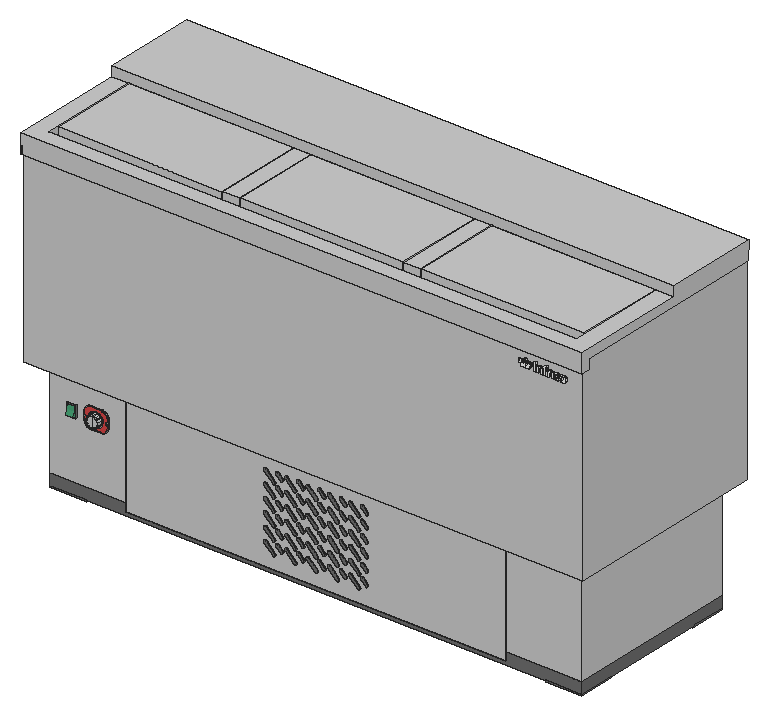
Revit family "QF_INFRICO_EFP1500II_250807082249", category Specialty Equipment, Revit 2021
Family settings
  Round Connector Dimension = Use Diameter
  Part Type = Normal
  OmniClass Number = 23.40.40.14
  OmniClass Title = Food Service Equipment
  Work Plane-Based = No
  Always vertical = Yes
  Cut with Voids When Loaded = No
  Shared = No
  Room Calculation Point = No
Parameters (values of type "EFP1500II")
  Weight [instance] = 73.9991 kg
  Waste Water Discharge Temperature [instance] = 0 °C
  Waste Remarks [instance] = ""
  Warranty Start Date [instance] = ""
  Warranty Duration [instance] = ""
  Volts [instance] = 230 V
  Volt Free Conn [instance] = no
  URL Recommended Spares List [instance] = ""
  URL Manufacturer [instance] = ""
  URL Cutsheet [instance] = ""
  URL Critical Spares List [instance] = ""
  URL = "www.infrico.com"
  Technical Documentation [instance] = ""
  Tag Number [instance] = ""
  Status [instance] = ""
  Start Up Current [instance] = 0 A
  Specification by User [instance] = ""
  Specification by Manufacturer [instance] = ""
  Sound Level [instance] = ""
  Show Logo [instance] = yes
  Show Clearances [instance] = yes
  Service Life Duration [instance] = ""
  Serial Number [instance] = ""
  Seismic Rating [instance] = ""
  SMACNA No [instance] = ""
  Revision Code [instance] = ""
  Revision [instance] = ""
  Production Year [instance] = ""
  Potential Equalisation [instance] = no
  Point Load [instance] = 0
  Plumbing Connection Type [instance] = ""
  Phase [instance] = 1
  Other Equipment Approvals [instance] = ""
  Operational Current [instance] = 0 A
  Number of Poles [instance] = 2
  No Load Power Draw [instance] = no
  NAFEM Spec ID Number [instance] = ""
  Model Warning [instance] = ""
  Model = "EFP1500II"
  Min Ckt Ampacity [instance] = 0 A
  Max Overcurrent Protection [instance] = 0 A
  Masterspec [instance] = ""
  Manufacturer = "INFRICO"
  Main switch integrated [instance] = no
  Length Actual [instance] = 1479.042 mm
  Item Number [instance] = ""
  Installed By [instance] = ""
  Installation Date [instance] = ""
  Indirect Waste Size [instance] = 19.05 mm
  Indirect Waste Remarks [instance] = ""
  Indirect Waste Flow [instance] = 0.0 L/s
  Indirect Waste Connection Type [instance] = ""
  Indirect Waste Connection Height [instance] = 0 mm
  Identify Quantity as Lot [instance] = no
  ID [instance] = ""
  Hygiene Approval [instance] = ""
  Height Actual [instance] = 880.11 mm
  HP power [instance] = ""
  Furnished By [instance] = ""
  Foodservice Equipment Identifier [instance] = no
  FL Amps [instance] = 0 A
  Electrical Remarks [instance] = ""
  Electric power [instance] = 180 W
  Electric Connection Type [instance] = ""
  Elec Conn RI Height [instance] = 0 mm
  Elec Conn Connection Height [instance] = 0 mm
  ETL Approved [instance] = no
  Direct Waste Water Discharge Temperature [instance] = -273.15 °C
  Direct Waste Size [instance] = 19.05 mm
  Direct Waste RI Height [instance] = 0 mm
  Direct Waste Flow [instance] = 0.0 L/s
  Direct Waste Connection Height [instance] = 0 mm
  Description = "CHEST BOTTLE COOLER FLAT BOTTOM - STAINLESS STEEL - THREE DOORS - R290"
  Depth Actual [instance] = 549.91 mm
  Default Elevation = 0 mm
  Cycle [instance] = 50 Hz
  Cost = 0
  Connection to energy optimisation system [instance] = yes
  Conn Plug [instance] = ""
  Conn Conduit [instance] = no
  Centralized building control system with digital interface [instance] = ""
  CSI MasterFormat [instance] = ""
  CE Approved [instance] = no
  Barcode [instance] = 0
  Author [instance] = ""
  Asset Identifier [instance] = ""
  Apparent Power [instance] = 180 VA
  Accessory [instance] = no
Reference planes
  plane 1 "Center (Front/Back)": y = 0
  plane 2: z = 0
  plane 3 "Center (Left/Right)": x = 0
Forms (mm)
  Extrusion 1, solid, not visible
    sketch origin (94.005, -271.013, 296.014) x (1, 0, 0) y (0, 1, 0)
      loop
        line (-2, 2) -> (-2, -2) -> (2, -2) -> (2, 2) -> (-2, 2)
    from -2 to 2
  Extrusion 2, solid, not visible
    sketch origin (1319.064, -38.002, 72.004) x (1, 0, 0) y (0, 1, 0)
      loop
        line (-2, 2) -> (-2, -2) -> (2, -2) -> (2, 2) -> (-2, 2)
    from -2 to 2
Dimensions and locks
  locked: nested 2 to Extrusion 1 at 2  (x2)
  locked: nested 3 to Extrusion 2 at 2  (x2)
  aligned and locked: level to plane 2
Nested families
  nested 1: "QF_INFRICO_EFP1500II_2920" at (0, 0, 0), type "EFP1500II"
    with Weight 73.9991 kg, Warranty Start Date "", Warranty Duration "", URL Cutsheet "", Technical Documentation "", Tag Number "", Status "", Specification by User "", Specification by Manufacturer "", Sound Level "", Solid Fuel Type "", Show Logo yes, Show Clearances yes, Show Clearance yes, Service Life Duration "", Serial Number "", Seismic Rating "", SMACNA No "", Revision Code "", Revision "", Production Year "", Point Load 0, Other Equipment Approvals "", NAFEM Spec ID Number "", Model Warning "", Masterspec "", Length Actual 1479.042 mm, Item Number "", Installed By "", Installation Date "", Identify Quantity as Lot yes, ID "", Hygiene Approval "", Height Actual 880.11 mm, Furnished By "", Foodservice Equipment Identifier yes, Finish none, ETL Approved yes, Depth Actual 549.91 mm, CSI MasterFormat "", CE Approved no, Barcode "", Author "", Asset Identifier "", Accessory no
  nested 2: "CONN_POINT_DRAIN_2D___Generic_Annotation" at (94.005, -271.013, 294.014), type "CONN_POINT_DRAIN_2D___Generic_Annotation"
    with Onboard connection annotation symbol visibility yes
  nested 3: "CONN_POINT_ELE_2D___Generic_Annotation" at (1319.064, -38.002, 70.003), type "CONN_POINT_ELE_2D___Generic_Annotation"
    with Onboard connection annotation symbol visibility yes
Connectors
  piping at (94.005, -271.013, 294.014), diameter 19.05, driven by "Indirect Waste Size", driven by "Direct Waste Flow"
    settings: on Extrusion 1, index 1, connector inside diameter 609.6 mm, connector length 0 mm, flow factor 0, pipe flow 0.0 L/s, pressure drop 0.0 Pa, fitting loss kfactor 0, connector angle 0.00°, fixture units 0, engagement length 0 mm, angle of deflection 0.00°, flow configuration 1, flow direction 2, fitting loss method 0, system type 16, joint type 0, gender type 0, connector reference index -1, connector utility 0, adjustable connector no, is connector primary yes, connector description "Waste connection for EFP1500II"
  electrical at (1319.064, -38.002, 70.003), driven by "Apparent Power", driven by "Number of Poles", driven by "Volts"
    settings: on Extrusion 2, index 2, voltage 230 V, apparent load 0 VA, apparent load phase1 180 VA, apparent load phase2 0 VA, apparent load phase3 0 VA, power factor 1, load classification "Other", number of poles 2, system type 31, power factor state 1, is connector primary yes, connector utility no, sub classification motor no, connector description "Electrical connection for EFP1500II"
Definition of nested family "QF_INFRICO_EFP1500II_2920"
  Parameters (values of type "EFP1500II")
    Weight [instance] = 0.00 kg
    Warranty Start Date [instance] = ""
    Warranty Duration [instance] = ""
    URL Cutsheet [instance] = ""
    URL = "www.infrico.com"
    Technical Documentation [instance] = ""
    Tag Number [instance] = ""
    Status [instance] = ""
    Specification by User [instance] = ""
    Specification by Manufacturer [instance] = ""
    Sound Level [instance] = ""
    Solid Fuel Type [instance] = ""
    Show Logo [instance] = yes
    Show Clearances [instance] = yes
    Show Clearance [instance] = yes
    Service Life Duration [instance] = ""
    Serial Number [instance] = ""
    Seismic Rating [instance] = ""
    SMACNA No [instance] = ""
    Revision Code [instance] = ""
    Revision [instance] = ""
    Production Year [instance] = ""
    Point Load [instance] = 0
    Other Equipment Approvals [instance] = ""
    NAFEM Spec ID Number [instance] = ""
    Model Warning [instance] = ""
    Model = "EFP1500II"
    Masterspec [instance] = ""
    Manufacturer = "INFRICO"
    Length Actual [instance] = 0 mm
    Item Number [instance] = ""
    Installed By [instance] = ""
    Installation Date [instance] = ""
    Identify Quantity as Lot [instance] = yes
    ID [instance] = ""
    Hygiene Approval [instance] = ""
    Height Actual [instance] = 0 mm
    Furnished By [instance] = ""
    Foodservice Equipment Identifier [instance] = yes
    Finish [instance] = none
    ETL Approved [instance] = yes
    Description = "CHEST BOTTLE COOLER FLAT BOTTOM - STAINLESS STEEL - THREE DOORS - R290"
    Depth Actual [instance] = 0 mm
    Default Elevation = 0 mm
    CSI MasterFormat [instance] = ""
    CE Approved [instance] = yes
    Barcode [instance] = ""
    Author [instance] = ""
    Asset Identifier [instance] = ""
    Assembly Code = "E1090320"
    Accessory [instance] = yes
  Reference planes
    plane 1 "Back": y = 0
    plane 2: z = 0
    plane 3 "Left": x = 0
    plane 4 "Right": x = 1479
    plane 5 "Front": y = -550
    plane 6 "Top": z = 880
  Forms (mm)
    Extrusion 1, solid
      sketch origin (0, 0, 0) x (0, 1, 0) y (0, 0, 1)
        loop
          line (0, 880) -> (-247, 880) -> (-247, 855) -> (0, 855) -> (0, 880)
      from 0 to 1479
    Extrusion 2, solid
      sketch origin (0, 0, 0) x (1, 0, 0) y (0, 0, 1)
        loop
          line (44, 855) -> (0, 855) -> (0, 830) -> (3, 830) -> (3, 836) -> (44, 836) -> (44, 855)
      from 0 to 510
    Extrusion 3, solid
      sketch origin (1479, 0, 0) x (-1, 0, 0) y (0, 0, -1)
        loop
          line (44, -855) -> (44, -836) -> (3, -836) -> (3, -830) -> (0, -830) -> (0, -855) -> (44, -855)
      from 0 to 510
    Extrusion 4, solid
      sketch origin (0, 0, 0) x (0, 1, 0) y (0, 0, 1)
        loop
          line (-510, 830) -> (-510, 855) -> (-550, 855) -> (-550, 830) -> (-510, 830)
      from 0 to 1479
    Extrusion 5, solid
      sketch origin (3, 0, 0) x (0, 1, 0) y (0, 0, 1)
        loop
          line (-247, 855) -> (-482, 855) -> (-482, 830) -> (-247, 830) -> (-247, 855)
      from 44 to 475
    Extrusion 6, solid
      sketch origin (0, 0, 0) x (0, 1, 0) y (0, 0, 1)
        loop
          line (0, 855) -> (-44, 855) -> (-44, 830) -> (0, 830) -> (0, 855)
      from 44 to 1435
    Extrusion 7, solid
      sketch origin (0, 0, 0) x (1, 0, 0) y (0, 0, 1)
        loop
          line (3, 830) -> (44, 830) -> (44, 836) -> (3, 836) -> (3, 830)
      from 0 to 44
    Extrusion 8, solid
      sketch origin (1432, 0, 0) x (1, 0, 0) y (0, 0, 1)
        loop
          line (3, 830) -> (44, 830) -> (44, 836) -> (3, 836) -> (3, 830)
      from 0 to 44
    Extrusion 9, solid
      sketch origin (3, 0, 0) x (0, 1, 0) y (0, 0, 1)
        loop
          line (-542, 830) -> (-542, 313) -> (-504, 313) -> (-504, 830) -> (-542, 830)
      from 0 to 1473
    Extrusion 10, solid
      sketch origin (3, 0, 0) x (0, 1, 0) y (0, 0, 1)
        loop
          line (-504, 313) -> (0, 313) -> (0, 830) -> (-504, 830) -> (-504, 313)
      from 0 to 1473
    Extrusion 11, solid
      sketch origin (39, 4, 0) x (0, 1, 0) y (0, 0, 1)
        loop
          line (-42, 313) -> (-504, 313) -> (-504, 43) -> (-42, 43) -> (-42, 313)
      from 0 to 200
    Extrusion 12, solid
      sketch origin (1240, 4, 0) x (0, 1, 0) y (0, 0, 1)
        loop
          line (-42, 313) -> (-504, 313) -> (-504, 43) -> (-42, 43) -> (-42, 313)
      from 0 to 200
    Extrusion 13, solid
      sketch origin (0, 4, 0) x (1, 0, 0) y (0, 0, 1)
        loop
          line (239, 313) -> (239, 23) -> (1240, 23) -> (1240, 313) -> (239, 313)
      from 42 to 52
    Extrusion 14, solid
      sketch origin (0, -448, 0) x (1, 0, 0) y (0, 0, 1)
        loop
          line (239, 313) -> (239, 23) -> (1240, 23) -> (1240, 313) -> (239, 313)
      from 42 to 52
    Extrusion 15, solid
      sketch origin (-961, 4, 13) x (1, 0, 0) y (0, 1, 0)
        loop
          line (1000, -42) -> (1000, -504) -> (1200, -504) -> (1200, -474) -> (1030, -474) -> (1030, -72) -> (1200, -72) -> (1200, -42) -> (1000, -42)
      from 0 to 30
    Extrusion 16, solid
      sketch origin (2440, 4, 13) x (-1, 0, 0) y (0, -1, 0)
        loop
          line (1000, 42) -> (1200, 42) -> (1200, 72) -> (1030, 72) -> (1030, 474) -> (1200, 474) -> (1200, 504) -> (1000, 504) -> (1000, 42)
      from 0 to 30
    Extrusion 17, solid
      sketch origin (-1000, 4, 0) x (1, 0, 0) y (0, 1, 0)
        loop
          line (1239, -504) -> (2240, -504) -> (2240, -494) -> (1239, -494) -> (1239, -504)
      from 13 to 23
    Extrusion 18, solid
      sketch origin (-1000, 456, 0) x (1, 0, 0) y (0, 1, 0)
        loop
          line (1239, -504) -> (2240, -504) -> (2240, -494) -> (1239, -494) -> (1239, -504)
      from 13 to 23
    Extrusion 19, solid
      sketch origin (-1000, 4, 0) x (1, 0, 0) y (0, 1, 0)
        loop
          line (1239, -72) -> (2240, -72) -> (2240, -52) -> (1239, -52) -> (1239, -72)
      from 13 to 43
    Extrusion 20, solid
      sketch origin (-1000, -418, 0) x (1, 0, 0) y (0, 1, 0)
        loop
          line (1239, -72) -> (2240, -72) -> (2240, -52) -> (1239, -52) -> (1239, -72)
      from 13 to 43
    Extrusion 21, solid
      sketch origin (39, 4, 10) x (1, 0, 0) y (0, 1, 0)
        loop
          line (0, -42) -> (0, -137) -> (95, -42) -> (0, -42)
      from 0 to 3
    Extrusion 22, solid
      sketch origin (1440, 4, 10) x (-1, 0, 0) y (0, -1, 0)
        loop
          line (0, 42) -> (95, 42) -> (0, 137) -> (0, 42)
      from 0 to 3
    Extrusion 23, solid
      sketch origin (39, -542, 10) x (1, 0, 0) y (0, 1, 0)
        loop
          line (0, 42) -> (95, 42) -> (0, 137) -> (0, 42)
      from 0 to 3
    Extrusion 24, solid
      sketch origin (1440, -542, 10) x (-1, 0, 0) y (0, -1, 0)
        loop
          line (0, -42) -> (0, -137) -> (95, -42) -> (0, -42)
      from 0 to 3
    Revolve 25, solid
      sketch origin (67, 4, 0) x (0, 1, 0) y (0, 0, 1)
        loop
          line (-70, 0) -> (-66, 0)
          arc (-66, 0) -> (-56.372, 2.368) -> (-49, 9) r 20.382
          arc (-49, 9) -> (-48.132, 9.763) -> (-47, 10) r 2.271
          line (-47, 10) -> (-70, 10) -> (-70, 0)
        axis (-70, 0) -> (-70, 10)
      angle from 0 to 360
    Revolve 26, solid
      sketch origin (1412, 4, 0) x (0, 1, 0) y (0, 0, -1)
        loop
          line (-70, 0) -> (-70, -10) -> (-47, -10)
          arc (-47, -10) -> (-48.132, -9.763) -> (-49, -9) r 2.271
          arc (-49, -9) -> (-56.372, -2.368) -> (-66, 0) r 20.382
          line (-66, 0) -> (-70, 0)
        axis (-70, 0) -> (-70, -10)
      angle from 0 to 360
    Revolve 27, solid
      sketch origin (67, -402, 0) x (0, 1, 0) y (0, 0, 1)
        loop
          line (-70, 0) -> (-66, 0)
          arc (-66, 0) -> (-56.372, 2.368) -> (-49, 9) r 20.382
          arc (-49, 9) -> (-48.132, 9.763) -> (-47, 10) r 2.271
          line (-47, 10) -> (-70, 10) -> (-70, 0)
        axis (-70, 0) -> (-70, 10)
      angle from 0 to 360
    Revolve 28, solid
      sketch origin (1412, -402, 0) x (0, 1, 0) y (0, 0, -1)
        loop
          line (-70, 0) -> (-70, -10) -> (-47, -10)
          arc (-47, -10) -> (-48.132, -9.763) -> (-49, -9) r 2.271
          arc (-49, -9) -> (-56.372, -2.368) -> (-66, 0) r 20.382
          line (-66, 0) -> (-70, 0)
        axis (-70, 0) -> (-70, -10)
      angle from 0 to 360
    Extrusion 29, solid, visible <- "Show Logo"
      sketch origin (145.682, -542, 67.214) x (1, 0, 0) y (0, 0, 1)
        loop
          line (1208.799, 696.53) -> (1208.799, 719.204) -> (1204.173, 719.204) -> (1204.173, 696.53) -> (1208.799, 696.53)
        loop
          line (1214.779, 713.006) -> (1211.283, 713.006) -> (1211.283, 696.53) -> (1215.772, 696.53) -> (1215.772, 707.832)
          arc (1215.772, 707.832) -> (1217.528, 708.741) -> (1219.417, 709.324) r 11.052
          arc (1219.417, 709.324) -> (1220.929, 708.961) -> (1221.598, 707.557) r 1.806
          line (1221.598, 707.557) -> (1221.598, 696.53) -> (1226.121, 696.53) -> (1226.121, 708.689)
          arc (1226.121, 708.689) -> (1224.637, 712.075) -> (1221.141, 713.281) r 4.607
          arc (1221.141, 713.281) -> (1218.282, 712.674) -> (1215.669, 711.361) r 11.435
          line (1215.669, 711.361) -> (1215.601, 712.184)
          arc (1215.601, 712.184) -> (1215.36, 712.765) -> (1214.779, 713.006) r 0.822
        loop
          line (1238.557, 720.102) -> (1237.306, 720.102)
          arc (1237.306, 720.102) -> (1235.052, 719.926) -> (1232.881, 719.297) r 11.103
          arc (1232.881, 719.297) -> (1230.805, 717.616) -> (1230.024, 715.062) r 4.567
          line (1230.024, 715.062) -> (1230.024, 712.909) -> (1227.351, 712.703) -> (1227.351, 709.374) -> (1230.024, 709.374) -> (1230.024, 696.53) -> (1234.547, 696.53) -> (1234.547, 709.374) -> (1238.249, 709.374) -> (1238.249, 712.938) -> (1234.547, 712.938) -> (1234.547, 714.548)
          arc (1234.547, 714.548) -> (1234.956, 715.705) -> (1236.045, 716.271) r 1.67
          line (1236.045, 716.271) -> (1237.7, 716.399)
          arc (1237.7, 716.399) -> (1238.306, 716.65) -> (1238.557, 717.255) r 0.857
          line (1238.557, 717.255) -> (1238.557, 720.102)
        loop
          line (1239.479, 713.006) -> (1239.479, 696.53) -> (1243.968, 696.53) -> (1243.968, 707.352)
          arc (1243.968, 707.352) -> (1245.873, 708.631) -> (1248.077, 709.268) r 7.435
          line (1248.077, 709.268) -> (1249.241, 709.416)
          arc (1249.241, 709.416) -> (1249.643, 709.758) -> (1249.793, 710.265) r 0.928
          line (1249.793, 710.265) -> (1249.793, 712.458)
          arc (1249.793, 712.458) -> (1249.531, 713.061) -> (1248.912, 713.28) r 0.824
          arc (1248.912, 713.28) -> (1246.197, 712.588) -> (1243.899, 710.984) r 7.833
          line (1243.899, 710.984) -> (1243.726, 713.006) -> (1239.479, 713.006)
        loop
          line (1255.495, 696.53) -> (1255.495, 713.006) -> (1251.006, 713.006) -> (1251.006, 696.53) -> (1255.495, 696.53)
        loop
          arc (1257.421, 701.327) -> (1258.567, 698.188) -> (1261.466, 696.525) r 4.873
          arc (1261.466, 696.525) -> (1264.493, 696.266) -> (1267.521, 696.525) r 17.816
          arc (1267.521, 696.525) -> (1270.575, 699.134) -> (1271.505, 703.041) r 6.481
          line (1271.505, 703.041) -> (1267.187, 703.041) -> (1267.187, 701.67)
          arc (1267.187, 701.67) -> (1266.64, 700.452) -> (1265.442, 699.865) r 1.965
          arc (1265.442, 699.865) -> (1264.547, 699.816) -> (1263.653, 699.865) r 8.196
          arc (1263.653, 699.865) -> (1262.417, 700.415) -> (1261.91, 701.67) r 1.806
          line (1261.91, 701.67) -> (1261.91, 707.9)
          arc (1261.91, 707.9) -> (1262.417, 709.155) -> (1263.653, 709.705) r 1.806
          arc (1263.653, 709.705) -> (1264.547, 709.754) -> (1265.442, 709.705) r 8.196
          arc (1265.442, 709.705) -> (1266.64, 709.118) -> (1267.187, 707.9) r 1.965
          line (1267.187, 707.9) -> (1267.187, 706.838) -> (1271.505, 706.838)
          arc (1271.505, 706.838) -> (1270.524, 710.556) -> (1267.521, 712.959) r 6.132
          arc (1267.521, 712.959) -> (1264.493, 713.294) -> (1261.466, 712.959) r 13.851
          arc (1261.466, 712.959) -> (1258.571, 711.349) -> (1257.421, 708.243) r 4.772
          line (1257.421, 708.243) -> (1257.421, 701.327)
        loop
          arc (1272.916, 701.329) -> (1273.993, 698.345) -> (1276.726, 696.734) r 4.676
          arc (1276.726, 696.734) -> (1278.515, 696.455) -> (1280.318, 696.291) r 28.371
          arc (1280.318, 696.291) -> (1282.122, 696.455) -> (1283.911, 696.734) r 28.371
          arc (1283.911, 696.734) -> (1286.644, 698.345) -> (1287.72, 701.329) r 4.676
          line (1287.72, 701.329) -> (1287.72, 708.242)
          arc (1287.72, 708.242) -> (1286.644, 711.226) -> (1283.911, 712.837) r 4.676
          arc (1283.911, 712.837) -> (1282.122, 713.116) -> (1280.318, 713.28) r 28.371
          arc (1280.318, 713.28) -> (1278.515, 713.116) -> (1276.726, 712.837) r 28.371
          arc (1276.726, 712.837) -> (1273.993, 711.226) -> (1272.916, 708.242) r 4.676
          line (1272.916, 708.242) -> (1272.916, 701.329)
        loop
          line (1277.405, 707.866) -> (1277.405, 701.705)
          arc (1277.405, 701.705) -> (1277.844, 700.556) -> (1278.936, 699.991) r 1.725
          arc (1278.936, 699.991) -> (1279.627, 699.918) -> (1280.318, 699.856) r 46.133
          arc (1280.318, 699.856) -> (1281.01, 699.918) -> (1281.701, 699.991) r 46.133
          arc (1281.701, 699.991) -> (1282.793, 700.556) -> (1283.231, 701.705) r 1.725
          line (1283.231, 701.705) -> (1283.231, 707.866)
          arc (1283.231, 707.866) -> (1282.793, 709.015) -> (1281.701, 709.58) r 1.725
          arc (1281.701, 709.58) -> (1281.01, 709.653) -> (1280.318, 709.716) r 46.133
          arc (1280.318, 709.716) -> (1279.627, 709.653) -> (1278.936, 709.58) r 46.133
          arc (1278.936, 709.58) -> (1277.844, 709.015) -> (1277.405, 707.866) r 1.725
        loop
          arc (1190.339, 696.543) -> (1191.411, 696.987) -> (1191.856, 698.059) r 1.516
          line (1191.856, 698.059) -> (1191.856, 703.891) -> (1196.035, 703.891)
          arc (1196.035, 703.891) -> (1196.79, 704.121) -> (1197.218, 704.782) r 1.147
          line (1197.218, 704.782) -> (1197.218, 706.211)
          arc (1197.218, 706.211) -> (1196.787, 707.258) -> (1195.719, 707.634) r 1.385
          line (1195.719, 707.634) -> (1194.52, 707.634) -> (1197.218, 710.332)
          arc (1197.218, 710.332) -> (1197.605, 711.266) -> (1197.218, 712.2) r 1.321
          line (1197.218, 712.2) -> (1196.495, 712.923)
          arc (1196.495, 712.923) -> (1195.54, 713.338) -> (1194.558, 712.991) r 1.422
          line (1194.558, 712.991) -> (1191.853, 710.286) -> (1191.853, 711.479)
          arc (1191.853, 711.479) -> (1191.443, 712.516) -> (1190.435, 712.992) r 1.516
          line (1190.435, 712.992) -> (1189.514, 712.992)
          arc (1189.514, 712.992) -> (1188.511, 712.514) -> (1188.103, 711.479) r 1.516
          line (1188.103, 711.479) -> (1188.103, 706.83) -> (1182.073, 701.336) -> (1182.073, 707.509) -> (1185.639, 711.075)
          arc (1185.639, 711.075) -> (1186.053, 712.073) -> (1185.639, 713.071) r 1.412
          line (1185.639, 713.071) -> (1184.987, 713.723)
          arc (1184.987, 713.723) -> (1183.939, 714.141) -> (1182.915, 713.667) r 1.428
          line (1182.915, 713.667) -> (1182.073, 712.825) -> (1182.073, 717.784)
          arc (1182.073, 717.784) -> (1181.658, 718.787) -> (1180.655, 719.203) r 1.418
          line (1180.655, 719.203) -> (1179.726, 719.203)
          arc (1179.726, 719.203) -> (1178.723, 718.787) -> (1178.308, 717.784) r 1.418
          line (1178.308, 717.784) -> (1178.308, 712.825) -> (1177.466, 713.667)
          arc (1177.466, 713.667) -> (1176.442, 714.141) -> (1175.394, 713.723) r 1.428
          line (1175.394, 713.723) -> (1174.742, 713.071)
          arc (1174.742, 713.071) -> (1174.328, 712.073) -> (1174.742, 711.075) r 1.412
          line (1174.742, 711.075) -> (1178.308, 707.509) -> (1178.308, 701.336) -> (1172.278, 706.83) -> (1172.278, 711.479)
          arc (1172.278, 711.479) -> (1171.87, 712.514) -> (1170.867, 712.992) r 1.516
          line (1170.867, 712.992) -> (1169.946, 712.992)
          arc (1169.946, 712.992) -> (1168.938, 712.516) -> (1168.528, 711.479) r 1.516
          line (1168.528, 711.479) -> (1168.528, 710.286) -> (1165.823, 712.991)
          arc (1165.823, 712.991) -> (1164.841, 713.338) -> (1163.886, 712.923) r 1.422
          line (1163.886, 712.923) -> (1163.163, 712.2)
          arc (1163.163, 712.2) -> (1162.776, 711.266) -> (1163.163, 710.332) r 1.321
          line (1163.163, 710.332) -> (1165.861, 707.634) -> (1164.662, 707.634)
          arc (1164.662, 707.634) -> (1163.594, 707.258) -> (1163.163, 706.211) r 1.385
          line (1163.163, 706.211) -> (1163.163, 704.782)
          arc (1163.163, 704.782) -> (1163.591, 704.121) -> (1164.346, 703.891) r 1.147
          line (1164.346, 703.891) -> (1168.525, 703.891) -> (1168.525, 698.059)
          arc (1168.525, 698.059) -> (1168.969, 696.987) -> (1170.042, 696.543) r 1.516
          line (1170.042, 696.543) -> (1190.339, 696.543)
      from 0 to 2
    Extrusion 30, solid
      sketch origin (106, -500, 1257.457) x (0, -1, 0) y (0, 0, 1)
        loop
          line (0, -1056.457) -> (2, -1056.457)
          arc (2, -1056.457) -> (5.042, -1056.207) -> (8.002, -1055.466) r 18.678
          arc (8.002, -1055.466) -> (4.242, -1043.724) -> (3, -1031.457) r 59.104
          line (3, -1031.457) -> (0, -1031.457) -> (0, -1056.457)
      from 0 to 19
    Extrusion 31, solid
      sketch origin (106, -502, 1257.457) x (-1, 0, 0) y (0, 0, 1)
        loop
          line (22, -1028.457) -> (-3, -1028.457) -> (-3, -1059.457) -> (22, -1059.457) -> (22, -1028.457)
      from 0 to 2
    Extrusion 32, solid
      sketch origin (-20.187, -500, 114.047) x (1, 0, 0) y (0, 0, 1)
        loop
          line (169.187, 71.953) -> (194.187, 71.953)
          arc (194.187, 71.953) -> (208.329, 77.811) -> (214.187, 91.953) r 20
          line (214.187, 91.953) -> (214.187, 106.953)
          arc (214.187, 106.953) -> (208.329, 121.095) -> (194.187, 126.953) r 20
          line (194.187, 126.953) -> (169.187, 126.953)
          arc (169.187, 126.953) -> (155.045, 121.095) -> (149.187, 106.953) r 20
          line (149.187, 106.953) -> (149.187, 91.953)
          arc (149.187, 91.953) -> (155.045, 77.811) -> (169.187, 71.953) r 20
      from 0 to 2
    Extrusion 33, solid
      sketch origin (-20.187, -500.1, 114.047) x (1, 0, 0) y (0, 0, 1)
        loop
          arc (169.187, 124.953) -> (156.459, 119.681) -> (151.187, 106.953) r 18
          line (151.187, 106.953) -> (151.187, 103.953)
          arc (151.187, 103.953) -> (155.687, 99.453) -> (151.187, 94.953) r 4.5
          line (151.187, 94.953) -> (151.187, 91.953)
          arc (151.187, 91.953) -> (156.459, 79.225) -> (169.187, 73.953) r 18
          line (169.187, 73.953) -> (194.187, 73.953)
          arc (194.187, 73.953) -> (206.915, 79.225) -> (212.187, 91.953) r 18
          line (212.187, 91.953) -> (212.187, 94.953)
          arc (212.187, 94.953) -> (207.687, 99.453) -> (212.187, 103.953) r 4.5
          line (212.187, 103.953) -> (212.187, 106.953)
          arc (212.187, 106.953) -> (206.915, 119.681) -> (194.187, 124.953) r 18
          line (194.187, 124.953) -> (169.187, 124.953)
        loop
          circle (181.687, 99.453) r 20
      from 0 to 2
    Revolve 34, solid
      sketch origin (161.5, 4, 91.547) x (0, 1, 0) y (0, 0, 1)
        loop
          line (-506, 126.953) -> (-508, 126.953) -> (-508, 137.953) -> (-519, 135.953) -> (-519, 121.953) -> (-506, 121.953) -> (-506, 126.953)
        axis (-506, 121.953) -> (-519, 121.953)
      angle from 0 to 360
    Extrusion 35, solid
      sketch origin (-13.5, 4, 14.5) x (1, 0, 0) y (0, 0, 1)
        loop
          arc (172.5, 212.775) -> (175, 213) -> (177.5, 212.775) r 14
          line (177.5, 212.775) -> (177.5, 214.803)
          arc (177.5, 214.803) -> (175, 215) -> (172.5, 214.803) r 16
          line (172.5, 214.803) -> (172.5, 212.775)
        loop
          line (172.5, 185.225) -> (172.5, 183.197)
          arc (172.5, 183.197) -> (175, 183) -> (177.5, 183.197) r 16
          line (177.5, 183.197) -> (177.5, 185.225)
          arc (177.5, 185.225) -> (175, 185) -> (172.5, 185.225) r 14
        loop
          arc (161.225, 196.5) -> (161, 199) -> (161.225, 201.5) r 14
          line (161.225, 201.5) -> (159.197, 201.5)
          arc (159.197, 201.5) -> (159, 199) -> (159.197, 196.5) r 16
          line (159.197, 196.5) -> (161.225, 196.5)
        loop
          line (188.775, 196.5) -> (190.803, 196.5)
          arc (190.803, 196.5) -> (191, 199) -> (190.803, 201.5) r 16
          line (190.803, 201.5) -> (188.775, 201.5)
          arc (188.775, 201.5) -> (189, 199) -> (188.775, 196.5) r 14
        loop
          arc (182.973, 210.508) -> (184.899, 208.899) -> (186.508, 206.973) r 14
          line (186.508, 206.973) -> (187.943, 208.407)
          arc (187.943, 208.407) -> (186.314, 210.314) -> (184.407, 211.943) r 16
          line (184.407, 211.943) -> (182.973, 210.508)
        loop
          line (163.492, 191.027) -> (162.057, 189.593)
          arc (162.057, 189.593) -> (163.686, 187.686) -> (165.593, 186.057) r 16
          line (165.593, 186.057) -> (167.027, 187.492)
          arc (167.027, 187.492) -> (165.101, 189.101) -> (163.492, 191.027) r 14
        loop
          arc (163.492, 206.973) -> (165.101, 208.899) -> (167.027, 210.508) r 14
          line (167.027, 210.508) -> (165.593, 211.943)
          arc (165.593, 211.943) -> (163.686, 210.314) -> (162.057, 208.407) r 16
          line (162.057, 208.407) -> (163.492, 206.973)
        loop
          line (182.973, 187.492) -> (184.407, 186.057)
          arc (184.407, 186.057) -> (186.314, 187.686) -> (187.943, 189.593) r 16
          line (187.943, 189.593) -> (186.508, 191.027)
          arc (186.508, 191.027) -> (184.899, 189.101) -> (182.973, 187.492) r 14
      from 508 to 519
    Extrusion 36, solid
      sketch origin (1813.844, -500.1, 72.143) x (-1, 0, 0) y (0, 0, 1)
        loop
          line (1188.944, -17.063) -> (1210.865, 4.857)
          arc (1210.865, 4.857) -> (1210.865, 11.221) -> (1204.501, 11.221) r 4.5
          line (1204.501, 11.221) -> (1182.58, -10.699)
          arc (1182.58, -10.699) -> (1182.58, -17.063) -> (1188.944, -17.063) r 4.5
        loop
          line (1168.187, -4.093) -> (1179.501, 7.221)
          arc (1179.501, 7.221) -> (1179.501, 13.585) -> (1173.137, 13.585) r 4.5
          line (1173.137, 13.585) -> (1161.823, 2.271)
          arc (1161.823, 2.271) -> (1161.823, -4.093) -> (1168.187, -4.093) r 4.5
        loop
          line (1188.944, 16.937) -> (1210.865, 38.857)
          arc (1210.865, 38.857) -> (1210.865, 45.221) -> (1204.501, 45.221) r 4.5
          line (1204.501, 45.221) -> (1182.58, 23.301)
          arc (1182.58, 23.301) -> (1182.58, 16.937) -> (1188.944, 16.937) r 4.5
        loop
          line (1168.187, 29.907) -> (1179.501, 41.221)
          arc (1179.501, 41.221) -> (1179.501, 47.585) -> (1173.137, 47.585) r 4.5
          line (1173.137, 47.585) -> (1161.823, 36.271)
          arc (1161.823, 36.271) -> (1161.823, 29.907) -> (1168.187, 29.907) r 4.5
        loop
          line (1188.944, 50.937) -> (1210.865, 72.857)
          arc (1210.865, 72.857) -> (1210.865, 79.221) -> (1204.501, 79.221) r 4.5
          line (1204.501, 79.221) -> (1182.58, 57.301)
          arc (1182.58, 57.301) -> (1182.58, 50.937) -> (1188.944, 50.937) r 4.5
        loop
          line (1168.187, 63.907) -> (1179.501, 75.221)
          arc (1179.501, 75.221) -> (1179.501, 81.585) -> (1173.137, 81.585) r 4.5
          line (1173.137, 81.585) -> (1161.823, 70.271)
          arc (1161.823, 70.271) -> (1161.823, 63.907) -> (1168.187, 63.907) r 4.5
        loop
          line (1188.944, 84.937) -> (1210.865, 106.857)
          arc (1210.865, 106.857) -> (1210.865, 113.221) -> (1204.501, 113.221) r 4.5
          line (1204.501, 113.221) -> (1182.58, 91.301)
          arc (1182.58, 91.301) -> (1182.58, 84.937) -> (1188.944, 84.937) r 4.5
        loop
          line (1168.187, 97.907) -> (1179.501, 109.221)
          arc (1179.501, 109.221) -> (1179.501, 115.585) -> (1173.137, 115.585) r 4.5
          line (1173.137, 115.585) -> (1161.823, 104.271)
          arc (1161.823, 104.271) -> (1161.823, 97.907) -> (1168.187, 97.907) r 4.5
        loop
          line (1188.944, 118.937) -> (1210.865, 140.857)
          arc (1210.865, 140.857) -> (1210.865, 147.221) -> (1204.501, 147.221) r 4.5
          line (1204.501, 147.221) -> (1182.58, 125.301)
          arc (1182.58, 125.301) -> (1182.58, 118.937) -> (1188.944, 118.937) r 4.5
        loop
          line (1168.187, 131.907) -> (1179.501, 143.221)
          arc (1179.501, 143.221) -> (1179.501, 149.585) -> (1173.137, 149.585) r 4.5
          line (1173.137, 149.585) -> (1161.823, 138.271)
          arc (1161.823, 138.271) -> (1161.823, 131.907) -> (1168.187, 131.907) r 4.5
        loop
          line (1188.944, 152.937) -> (1210.865, 174.857)
          arc (1210.865, 174.857) -> (1210.865, 181.221) -> (1204.501, 181.221) r 4.5
          line (1204.501, 181.221) -> (1182.58, 159.301)
          arc (1182.58, 159.301) -> (1182.58, 152.937) -> (1188.944, 152.937) r 4.5
        loop
          line (1168.187, 165.907) -> (1179.501, 177.221)
          arc (1179.501, 177.221) -> (1179.501, 183.585) -> (1173.137, 183.585) r 4.5
          line (1173.137, 183.585) -> (1161.823, 172.271)
          arc (1161.823, 172.271) -> (1161.823, 165.907) -> (1168.187, 165.907) r 4.5
        loop
          line (1132.944, -17.063) -> (1154.865, 4.857)
          arc (1154.865, 4.857) -> (1154.865, 11.221) -> (1148.501, 11.221) r 4.5
          line (1148.501, 11.221) -> (1126.58, -10.699)
          arc (1126.58, -10.699) -> (1126.58, -17.063) -> (1132.944, -17.063) r 4.5
        loop
          line (1112.187, -4.093) -> (1123.501, 7.221)
          arc (1123.501, 7.221) -> (1123.501, 13.585) -> (1117.137, 13.585) r 4.5
          line (1117.137, 13.585) -> (1105.823, 2.271)
          arc (1105.823, 2.271) -> (1105.823, -4.093) -> (1112.187, -4.093) r 4.5
        loop
          line (1132.944, 16.937) -> (1154.865, 38.857)
          arc (1154.865, 38.857) -> (1154.865, 45.221) -> (1148.501, 45.221) r 4.5
          line (1148.501, 45.221) -> (1126.58, 23.301)
          arc (1126.58, 23.301) -> (1126.58, 16.937) -> (1132.944, 16.937) r 4.5
        loop
          line (1112.187, 29.907) -> (1123.501, 41.221)
          arc (1123.501, 41.221) -> (1123.501, 47.585) -> (1117.137, 47.585) r 4.5
          line (1117.137, 47.585) -> (1105.823, 36.271)
          arc (1105.823, 36.271) -> (1105.823, 29.907) -> (1112.187, 29.907) r 4.5
        loop
          line (1132.944, 50.937) -> (1154.865, 72.857)
          arc (1154.865, 72.857) -> (1154.865, 79.221) -> (1148.501, 79.221) r 4.5
          line (1148.501, 79.221) -> (1126.58, 57.301)
          arc (1126.58, 57.301) -> (1126.58, 50.937) -> (1132.944, 50.937) r 4.5
        loop
          line (1112.187, 63.907) -> (1123.501, 75.221)
          arc (1123.501, 75.221) -> (1123.501, 81.585) -> (1117.137, 81.585) r 4.5
          line (1117.137, 81.585) -> (1105.823, 70.271)
          arc (1105.823, 70.271) -> (1105.823, 63.907) -> (1112.187, 63.907) r 4.5
        loop
          line (1132.944, 84.937) -> (1154.865, 106.857)
          arc (1154.865, 106.857) -> (1154.865, 113.221) -> (1148.501, 113.221) r 4.5
          line (1148.501, 113.221) -> (1126.58, 91.301)
          arc (1126.58, 91.301) -> (1126.58, 84.937) -> (1132.944, 84.937) r 4.5
        loop
          line (1112.187, 97.907) -> (1123.501, 109.221)
          arc (1123.501, 109.221) -> (1123.501, 115.585) -> (1117.137, 115.585) r 4.5
          line (1117.137, 115.585) -> (1105.823, 104.271)
          arc (1105.823, 104.271) -> (1105.823, 97.907) -> (1112.187, 97.907) r 4.5
        loop
          line (1132.944, 118.937) -> (1154.865, 140.857)
          arc (1154.865, 140.857) -> (1154.865, 147.221) -> (1148.501, 147.221) r 4.5
          line (1148.501, 147.221) -> (1126.58, 125.301)
          arc (1126.58, 125.301) -> (1126.58, 118.937) -> (1132.944, 118.937) r 4.5
        loop
          line (1112.187, 131.907) -> (1123.501, 143.221)
          arc (1123.501, 143.221) -> (1123.501, 149.585) -> (1117.137, 149.585) r 4.5
          line (1117.137, 149.585) -> (1105.823, 138.271)
          arc (1105.823, 138.271) -> (1105.823, 131.907) -> (1112.187, 131.907) r 4.5
        loop
          line (1132.944, 152.937) -> (1154.865, 174.857)
          arc (1154.865, 174.857) -> (1154.865, 181.221) -> (1148.501, 181.221) r 4.5
          line (1148.501, 181.221) -> (1126.58, 159.301)
          arc (1126.58, 159.301) -> (1126.58, 152.937) -> (1132.944, 152.937) r 4.5
        loop
          line (1112.187, 165.907) -> (1123.501, 177.221)
          arc (1123.501, 177.221) -> (1123.501, 183.585) -> (1117.137, 183.585) r 4.5
          line (1117.137, 183.585) -> (1105.823, 172.271)
          arc (1105.823, 172.271) -> (1105.823, 165.907) -> (1112.187, 165.907) r 4.5
        loop
          line (1076.944, -17.063) -> (1098.865, 4.857)
          arc (1098.865, 4.857) -> (1098.865, 11.221) -> (1092.501, 11.221) r 4.5
          line (1092.501, 11.221) -> (1070.58, -10.699)
          arc (1070.58, -10.699) -> (1070.58, -17.063) -> (1076.944, -17.063) r 4.5
        loop
          line (1056.187, -4.093) -> (1067.501, 7.221)
          arc (1067.501, 7.221) -> (1067.501, 13.585) -> (1061.137, 13.585) r 4.5
          line (1061.137, 13.585) -> (1049.823, 2.271)
          arc (1049.823, 2.271) -> (1049.823, -4.093) -> (1056.187, -4.093) r 4.5
        loop
          line (1076.944, 16.937) -> (1098.865, 38.857)
          arc (1098.865, 38.857) -> (1098.865, 45.221) -> (1092.501, 45.221) r 4.5
          line (1092.501, 45.221) -> (1070.58, 23.301)
          arc (1070.58, 23.301) -> (1070.58, 16.937) -> (1076.944, 16.937) r 4.5
        loop
          line (1056.187, 29.907) -> (1067.501, 41.221)
          arc (1067.501, 41.221) -> (1067.501, 47.585) -> (1061.137, 47.585) r 4.5
          line (1061.137, 47.585) -> (1049.823, 36.271)
          arc (1049.823, 36.271) -> (1049.823, 29.907) -> (1056.187, 29.907) r 4.5
        loop
          line (1076.944, 50.937) -> (1098.865, 72.857)
          arc (1098.865, 72.857) -> (1098.865, 79.221) -> (1092.501, 79.221) r 4.5
          line (1092.501, 79.221) -> (1070.58, 57.301)
          arc (1070.58, 57.301) -> (1070.58, 50.937) -> (1076.944, 50.937) r 4.5
        loop
          line (1056.187, 63.907) -> (1067.501, 75.221)
          arc (1067.501, 75.221) -> (1067.501, 81.585) -> (1061.137, 81.585) r 4.5
          line (1061.137, 81.585) -> (1049.823, 70.271)
          arc (1049.823, 70.271) -> (1049.823, 63.907) -> (1056.187, 63.907) r 4.5
        loop
          line (1076.944, 84.937) -> (1098.865, 106.857)
          arc (1098.865, 106.857) -> (1098.865, 113.221) -> (1092.501, 113.221) r 4.5
          line (1092.501, 113.221) -> (1070.58, 91.301)
          arc (1070.58, 91.301) -> (1070.58, 84.937) -> (1076.944, 84.937) r 4.5
        loop
          line (1056.187, 97.907) -> (1067.501, 109.221)
          arc (1067.501, 109.221) -> (1067.501, 115.585) -> (1061.137, 115.585) r 4.5
          line (1061.137, 115.585) -> (1049.823, 104.271)
          arc (1049.823, 104.271) -> (1049.823, 97.907) -> (1056.187, 97.907) r 4.5
        loop
          line (1076.944, 118.937) -> (1098.865, 140.857)
          arc (1098.865, 140.857) -> (1098.865, 147.221) -> (1092.501, 147.221) r 4.5
          line (1092.501, 147.221) -> (1070.58, 125.301)
          arc (1070.58, 125.301) -> (1070.58, 118.937) -> (1076.944, 118.937) r 4.5
        loop
          line (1056.187, 131.907) -> (1067.501, 143.221)
          arc (1067.501, 143.221) -> (1067.501, 149.585) -> (1061.137, 149.585) r 4.5
          line (1061.137, 149.585) -> (1049.823, 138.271)
          arc (1049.823, 138.271) -> (1049.823, 131.907) -> (1056.187, 131.907) r 4.5
        loop
          line (1076.944, 152.937) -> (1098.865, 174.857)
          arc (1098.865, 174.857) -> (1098.865, 181.221) -> (1092.501, 181.221) r 4.5
          line (1092.501, 181.221) -> (1070.58, 159.301)
          arc (1070.58, 159.301) -> (1070.58, 152.937) -> (1076.944, 152.937) r 4.5
        loop
          line (1056.187, 165.907) -> (1067.501, 177.221)
          arc (1067.501, 177.221) -> (1067.501, 183.585) -> (1061.137, 183.585) r 4.5
          line (1061.137, 183.585) -> (1049.823, 172.271)
          arc (1049.823, 172.271) -> (1049.823, 165.907) -> (1056.187, 165.907) r 4.5
        loop
          line (1020.944, -17.063) -> (1042.865, 4.857)
          arc (1042.865, 4.857) -> (1042.865, 11.221) -> (1036.501, 11.221) r 4.5
          line (1036.501, 11.221) -> (1014.58, -10.699)
          arc (1014.58, -10.699) -> (1014.58, -17.063) -> (1020.944, -17.063) r 4.5
        loop
          line (1000.187, -4.093) -> (1011.501, 7.221)
          arc (1011.501, 7.221) -> (1011.501, 13.585) -> (1005.137, 13.585) r 4.5
          line (1005.137, 13.585) -> (993.823, 2.271)
          arc (993.823, 2.271) -> (993.823, -4.093) -> (1000.187, -4.093) r 4.5
        loop
          line (1020.944, 16.937) -> (1042.865, 38.857)
          arc (1042.865, 38.857) -> (1042.865, 45.221) -> (1036.501, 45.221) r 4.5
          line (1036.501, 45.221) -> (1014.58, 23.301)
          arc (1014.58, 23.301) -> (1014.58, 16.937) -> (1020.944, 16.937) r 4.5
        loop
          line (1000.187, 29.907) -> (1011.501, 41.221)
          arc (1011.501, 41.221) -> (1011.501, 47.585) -> (1005.137, 47.585) r 4.5
          line (1005.137, 47.585) -> (993.823, 36.271)
          arc (993.823, 36.271) -> (993.823, 29.907) -> (1000.187, 29.907) r 4.5
        loop
          line (1020.944, 50.937) -> (1042.865, 72.857)
          arc (1042.865, 72.857) -> (1042.865, 79.221) -> (1036.501, 79.221) r 4.5
          line (1036.501, 79.221) -> (1014.58, 57.301)
          arc (1014.58, 57.301) -> (1014.58, 50.937) -> (1020.944, 50.937) r 4.5
        loop
          line (1000.187, 63.907) -> (1011.501, 75.221)
          arc (1011.501, 75.221) -> (1011.501, 81.585) -> (1005.137, 81.585) r 4.5
          line (1005.137, 81.585) -> (993.823, 70.271)
          arc (993.823, 70.271) -> (993.823, 63.907) -> (1000.187, 63.907) r 4.5
        loop
          line (1020.944, 84.937) -> (1042.865, 106.857)
          arc (1042.865, 106.857) -> (1042.865, 113.221) -> (1036.501, 113.221) r 4.5
          line (1036.501, 113.221) -> (1014.58, 91.301)
          arc (1014.58, 91.301) -> (1014.58, 84.937) -> (1020.944, 84.937) r 4.5
        loop
          line (1000.187, 97.907) -> (1011.501, 109.221)
          arc (1011.501, 109.221) -> (1011.501, 115.585) -> (1005.137, 115.585) r 4.5
          line (1005.137, 115.585) -> (993.823, 104.271)
          arc (993.823, 104.271) -> (993.823, 97.907) -> (1000.187, 97.907) r 4.5
        loop
          line (1020.944, 118.937) -> (1042.865, 140.857)
          arc (1042.865, 140.857) -> (1042.865, 147.221) -> (1036.501, 147.221) r 4.5
          line (1036.501, 147.221) -> (1014.58, 125.301)
          arc (1014.58, 125.301) -> (1014.58, 118.937) -> (1020.944, 118.937) r 4.5
        loop
          line (1000.187, 131.907) -> (1011.501, 143.221)
          arc (1011.501, 143.221) -> (1011.501, 149.585) -> (1005.137, 149.585) r 4.5
          line (1005.137, 149.585) -> (993.823, 138.271)
          arc (993.823, 138.271) -> (993.823, 131.907) -> (1000.187, 131.907) r 4.5
        loop
          line (1020.944, 152.937) -> (1042.865, 174.857)
          arc (1042.865, 174.857) -> (1042.865, 181.221) -> (1036.501, 181.221) r 4.5
          line (1036.501, 181.221) -> (1014.58, 159.301)
          arc (1014.58, 159.301) -> (1014.58, 152.937) -> (1020.944, 152.937) r 4.5
        loop
          line (1000.187, 165.907) -> (1011.501, 177.221)
          arc (1011.501, 177.221) -> (1011.501, 183.585) -> (1005.137, 183.585) r 4.5
          line (1005.137, 183.585) -> (993.823, 172.271)
          arc (993.823, 172.271) -> (993.823, 165.907) -> (1000.187, 165.907) r 4.5
        loop
          line (964.944, -17.063) -> (986.865, 4.857)
          arc (986.865, 4.857) -> (986.865, 11.221) -> (980.501, 11.221) r 4.5
          line (980.501, 11.221) -> (958.58, -10.699)
          arc (958.58, -10.699) -> (958.58, -17.063) -> (964.944, -17.063) r 4.5
        loop
          line (944.187, -4.093) -> (955.501, 7.221)
          arc (955.501, 7.221) -> (955.501, 13.585) -> (949.137, 13.585) r 4.5
          line (949.137, 13.585) -> (937.823, 2.271)
          arc (937.823, 2.271) -> (937.823, -4.093) -> (944.187, -4.093) r 4.5
        loop
          line (964.944, 16.937) -> (986.865, 38.857)
          arc (986.865, 38.857) -> (986.865, 45.221) -> (980.501, 45.221) r 4.5
          line (980.501, 45.221) -> (958.58, 23.301)
          arc (958.58, 23.301) -> (958.58, 16.937) -> (964.944, 16.937) r 4.5
        loop
          line (944.187, 29.907) -> (955.501, 41.221)
          arc (955.501, 41.221) -> (955.501, 47.585) -> (949.137, 47.585) r 4.5
          line (949.137, 47.585) -> (937.823, 36.271)
          arc (937.823, 36.271) -> (937.823, 29.907) -> (944.187, 29.907) r 4.5
        loop
          line (964.944, 50.937) -> (986.865, 72.857)
          arc (986.865, 72.857) -> (986.865, 79.221) -> (980.501, 79.221) r 4.5
          line (980.501, 79.221) -> (958.58, 57.301)
          arc (958.58, 57.301) -> (958.58, 50.937) -> (964.944, 50.937) r 4.5
        loop
          line (944.187, 63.907) -> (955.501, 75.221)
          arc (955.501, 75.221) -> (955.501, 81.585) -> (949.137, 81.585) r 4.5
          line (949.137, 81.585) -> (937.823, 70.271)
          arc (937.823, 70.271) -> (937.823, 63.907) -> (944.187, 63.907) r 4.5
        loop
          line (964.944, 84.937) -> (986.865, 106.857)
          arc (986.865, 106.857) -> (986.865, 113.221) -> (980.501, 113.221) r 4.5
          line (980.501, 113.221) -> (958.58, 91.301)
          arc (958.58, 91.301) -> (958.58, 84.937) -> (964.944, 84.937) r 4.5
        loop
          line (944.187, 97.907) -> (955.501, 109.221)
          arc (955.501, 109.221) -> (955.501, 115.585) -> (949.137, 115.585) r 4.5
          line (949.137, 115.585) -> (937.823, 104.271)
          arc (937.823, 104.271) -> (937.823, 97.907) -> (944.187, 97.907) r 4.5
        loop
          line (964.944, 118.937) -> (986.865, 140.857)
          arc (986.865, 140.857) -> (986.865, 147.221) -> (980.501, 147.221) r 4.5
          line (980.501, 147.221) -> (958.58, 125.301)
          arc (958.58, 125.301) -> (958.58, 118.937) -> (964.944, 118.937) r 4.5
        loop
          line (944.187, 131.907) -> (955.501, 143.221)
          arc (955.501, 143.221) -> (955.501, 149.585) -> (949.137, 149.585) r 4.5
          line (949.137, 149.585) -> (937.823, 138.271)
          arc (937.823, 138.271) -> (937.823, 131.907) -> (944.187, 131.907) r 4.5
        loop
          line (964.944, 152.937) -> (986.865, 174.857)
          arc (986.865, 174.857) -> (986.865, 181.221) -> (980.501, 181.221) r 4.5
          line (980.501, 181.221) -> (958.58, 159.301)
          arc (958.58, 159.301) -> (958.58, 152.937) -> (964.944, 152.937) r 4.5
        loop
          line (944.187, 165.907) -> (955.501, 177.221)
          arc (955.501, 177.221) -> (955.501, 183.585) -> (949.137, 183.585) r 4.5
          line (949.137, 183.585) -> (937.823, 172.271)
          arc (937.823, 172.271) -> (937.823, 165.907) -> (944.187, 165.907) r 4.5
      from 0 to 2
    Extrusion 37, solid
      sketch origin (-1000, 0, 0) x (1, 0, 0) y (0, 1, 0)
        loop
          line (1000, -550) -> (2479, -550) -> (2479, -525) -> (2476, -525) -> (2476, -548) -> (1003, -548) -> (1003, -525) -> (1000, -525) -> (1000, -550)
      from 805 to 830
    Extrusion 38, solid
      sketch origin (999, 0, 0) x (0, 1, 0) y (0, 0, -1)
        loop
          line (-247, -855) -> (-247, -830) -> (-482, -830) -> (-482, -855) -> (-247, -855)
      from 44 to 475
    Extrusion 39, solid
      sketch origin (-1, 0, 0) x (1, 0, 0) y (0, 1, 0)
        loop
          line (480, -247) -> (480, -482) -> (524, -482) -> (524, -247) -> (480, -247)
      from 830 to 855
    Extrusion 40, solid
      sketch origin (1476, 0, 0) x (0, 1, 0) y (0, 0, -1)
        loop
          line (-247, -855) -> (-247, -830) -> (-482, -830) -> (-482, -855) -> (-247, -855)
      from 44 to 475
    Extrusion 41, solid
      sketch origin (476, 0, 0) x (1, 0, 0) y (0, 1, 0)
        loop
          line (480, -247) -> (480, -482) -> (524, -482) -> (524, -247) -> (480, -247)
      from 830 to 855
    Extrusion 42, solid
      sketch origin (0, 0, 0) x (0, 1, 0) y (0, 0, 1)
        loop
          line (-48, 313) -> (-490, 313) -> (-490, 294) -> (-48, 294) -> (-48, 313)
      from 239 to 1240
  Cuts and joins
    joined: Extrusion 15, Extrusion 16, Extrusion 17, Extrusion 18, Extrusion 19, Extrusion 20
    joined: Extrusion 9, Extrusion 10
    joined: Extrusion 1, Extrusion 2, Extrusion 3, Extrusion 4, Extrusion 6, Extrusion 7, Extrusion 8, Extrusion 37
  Lines and regions (mm)
    symbolic lines
      curve 1: line (0, 0, 0) -> (1479, 0, 0)
      curve 2: line (0, -550, 0) -> (0, 0, 0)
      curve 3: line (1479, -550, 0) -> (0, -550, 0)
      curve 4: line (1479, 0, 0) -> (1479, -550, 0)
      curve 5: line (0, -247, 0) -> (1479, -247, 0)
      curve 6: line (1479, -510, 0) -> (0, -510, 0)
      curve 7: line (44, -510, 0) -> (44, -247, 0)
      curve 8: line (1435, -247, 0) -> (1435, -510, 0)
      curve 9: line (44, -482, 0) -> (1435, -482, 0)
      curve 10: line (44, -504, 0) -> (1435, -504, 0)
      curve 11: line (479, -247, 0) -> (479, -482, 0)
      curve 12: line (523, -482, 0) -> (523, -247, 0)
      curve 13: line (524, -247, 0) -> (524, -482, 0)
      curve 14: line (478, -482, 0) -> (478, -247, 0)
      curve 15: line (47, -247, 0) -> (47, -482, 0)
      curve 16: line (955, -247, 0) -> (955, -482, 0)
      curve 17: line (956, -247, 0) -> (956, -482, 0)
      curve 18: line (1000, -482, 0) -> (1000, -247, 0)
      curve 19: line (1001, -247, 0) -> (1001, -482, 0)
      curve 20: line (1432, -247, 0) -> (1432, -482, 0)
  Dimensions and locks
    plane 1 "Back" to plane 5 "Front" = 550 mm  (x2)
    plane 3 "Left" to plane 4 "Right" = 1479 mm
    plane 6 "Top" to level = 880 mm  (x2)
    plane 4 "Right" to plane 3 "Left" = 1479 mm
    aligned and locked: level to plane 2
Definition of nested family "CONN_POINT_DRAIN_2D___Generic_Annotation"
  Parameters (values of type "CONN_POINT_DRAIN_2D___Generic_Annotation")
    Onboard connection annotation symbol visibility [instance] = yes
  Reference planes
    plane 1: y = 0
    plane 2: x = 0
  Lines and regions (mm)
    detail lines, visible <- "Onboard connection annotation symbol visibility"
      curve 1: circle (0, 0, 0) r 0.5 normal (0, 0, 1)
      curve 2: line (-1, 0, 0) -> (1, 0, 0)
      curve 3: line (0, 1, 0) -> (0, -1, 0)
      curve 4: line (1.776, 1, 0) -> (1.25, 1, 0)
      curve 5: line (1.25, 1, 0) -> (1.25, -1, 0)
      curve 6: line (1.25, -1, 0) -> (1.776, -1, 0)
      curve 7: arc (2.206, -0.862, 0) -> (2.459, -0.589, 0) -> (2.583, -0.238, 0) r 0.918
      curve 8: arc (2.583, 0.238, 0) -> (2.459, 0.589, 0) -> (2.206, 0.862, 0) r 0.918
      curve 9: arc (2.583, -0.238, 0) -> (2.599, 0, 0) -> (2.583, 0.238, 0) r 1.77
      curve 10: arc (2.206, 0.862, 0) -> (2.002, 0.965, 0) -> (1.776, 1, 0) r 0.741
      curve 11: arc (1.776, -1, 0) -> (2.002, -0.965, 0) -> (2.206, -0.862, 0) r 0.741
Definition of nested family "CONN_POINT_ELE_2D___Generic_Annotation"
  Parameters (values of type "CONN_POINT_ELE_2D___Generic_Annotation")
    Onboard connection annotation symbol visibility [instance] = yes
  Reference planes
    plane 1: y = 0
    plane 2: x = 0
  Lines and regions (mm)
    detail lines, visible <- "Onboard connection annotation symbol visibility"
      curve 1: circle (0, 0, 0) r 0.5 normal (0, 0, 1)
      curve 2: line (-1, 0, 0) -> (1, 0, 0)
      curve 3: line (0, 1, 0) -> (0, -1, 0)
      curve 4: line (2.5, 1, 0) -> (1.25, 1, 0)
      curve 5: line (1.25, 1, 0) -> (1.25, -1, 0)
      curve 6: line (1.25, -1, 0) -> (2.5, -1, 0)
      curve 7: line (1.25, 0, 0) -> (2, 0, 0)
